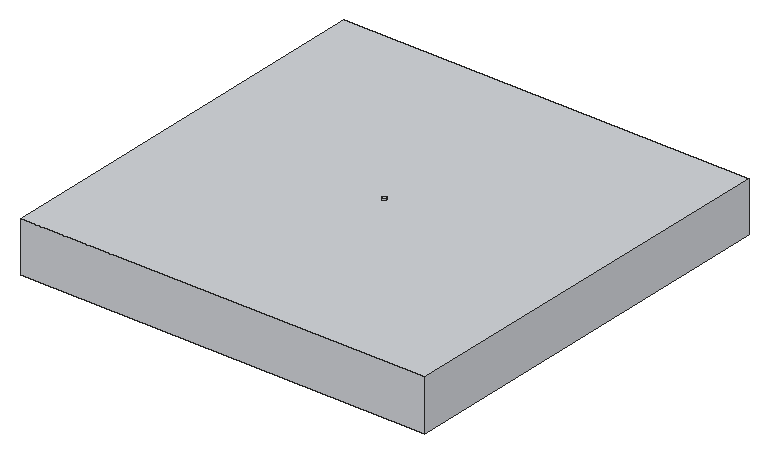
Revit family "M_Dispositivos de iluminação - Conector de alimentação desequilibrada", category Dispositivos de iluminação, Revit 2019
Family settings
  Hospedeiro = Face
  Manter orientação da anotação = Não
  Cota do conector redondo = Utilizar diâmetro
  Tipo de parte = Normal
  Número OmniClass = 23.85.80.11.27
  Título OmniClass = Lighting Controls
  ID de item do Seek = Lighting Devices - Unbalanced Power Connector-0000-CAN-ENU
  Corte com vazios quando carregada = Não
  Compartilhado = Não
  Ponto de cálculo do ambiente = Não
Parameters (values of type "277 V")
  Espessura = 3.2 mm
  Raio = Diâmetro / 2  # 12.7 mm
  Classificação de carga = Outros
  Diâmetro = 25.4 mm
  Elevação-padrão = 1200 mm
  Voltagem do conector = 277 V
  Número de pólos do conector = 1
Types (6, lengths in mm): name | Espessura | Voltagem do conector | Número de pólos do conector
  (no name) | 3.2 | 277 V | 1
  120 V | 3.175 | 120 V | 1
  277 V | 3.2 | 277 V | 1
  240 V | 3.175 | 240 V | 2
  208 V | 3.175 | 208 V | 3
  480 V | 3.175 | 480 V | 3
Reference planes
  plane 1 "Centro (Frente/Trás)": y = 0
  plane 2: z = 0
  plane 3 "Centro (Esquerda/Direita)": x = 0
  plane 4: z = 3.2
Forms (mm)
  Extrusion 1, solid
    sketch origin (0, 0, 0) x (1, 0, 0) y (0, 1, 0)
      loop
        line (-1219.2, 1219.2) -> (-1219.2, -1219.2) -> (1219.2, -1219.2) -> (1219.2, 1219.2) -> (-1219.2, 1219.2)
    from 0 to -304.8
  Extrusion 2, solid
    sketch origin (0, 0, 0) x (1, 0, 0) y (0, 1, 0)
      loop
        circle (0, 0) r 12.7
    from 3.2 to 0
Dimensions and locks
  "Espessura": plane 4 to plane 2
  "Raio": radius of Extrusion 2 sketch curve
  aligned and locked: plane 2 to Extrusion 1
  aligned and locked: level to Extrusion 1
  aligned and locked: Extrusion 2 to plane 2
  aligned and locked: plane 1 "Centro (Frente/Trás)" to Extrusion 2 sketch curve
  aligned and locked: plane 3 "Centro (Esquerda/Direita)" to Extrusion 2 sketch curve
  aligned and locked: plane 4 to Extrusion 2
Automatic sketch dimensions
  Extrusion 1 sketch curve to Extrusion 1 sketch curve = 2438.4 mm  (x2)
Connectors
  electrical at (0, 0, 3.2), driven by "Voltagem do conector", driven by "Número de pólos do conector", driven by "Classificação de carga"
    settings: on Extrusion 2, index 1, voltage 277 V, apparent load 0 VA, apparent load phase1 0 VA, apparent load phase2 0 VA, apparent load phase3 0 VA, power factor 1, load classification "Outros", number of poles 1, system type 31, power factor state 1, is connector primary yes, connector utility no, sub classification motor no, connector description ""
